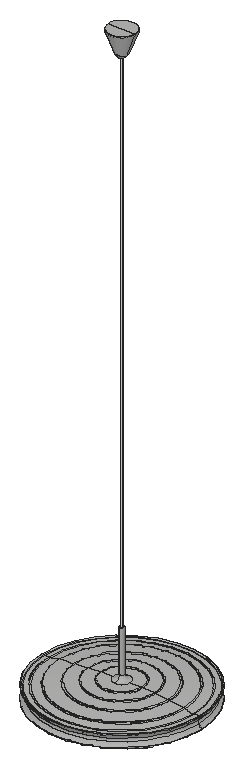
Revit family "Lighting_Pendants_Focus_Yoyo_Pendant", category Lighting Fixtures, host Ceiling, Revit 2017
Family settings
  Host = Ceiling
  Round Connector Dimension = Use Diameter
  Part Type = Normal
  OmniClass Number = 23.80.70.00
  OmniClass Title = Lighting
  Always vertical = Yes
  Cut with Voids When Loaded = No
  Light Source = Yes
  Shared = No
  Room Calculation Point = No
Parameters (values of type "Yoyo - Pendant")
  Weight = "4.2 kg"
  Wattage = 16.5946 W
  WarrantyStartDate [instance] = "n/a"
  WarrantyGuarantorParts = "n/a"
  WarrantyGuarantorLabor = "n/a"
  WarrantyDurationUnit = "Hours"
  WarrantyDurationParts = "n/a"
  WarrantyDurationLabor = "n/a"
  WarrantyDescription = "n/a"
  built-in parameter 1150110 = 1 (stored number, unit not read)
  VersionDate = "18/06/2020"  # constant formula
  Version = "1"  # constant formula
  UsageCurrent = 0 A
  Uniclass2015Reference = "Pr_70_70_48_62"
  Uniclass2015Description = "Pendant luminaires"
  Uniclass2 = "Pr_70_70_49_86"
  URL = "https://focus-lighting.clients.ubivox.com/archive/1020278/"
  TotalWattage = 26 W
  built-in parameter 1114217 = 1 (stored number, unit not read)
  Tilt Angle = 90.00°
  built-in parameter 1150109 = 1 (stored number, unit not read)
  built-in parameter 1150134 = (empty or 0)
  TagNumber [instance] = "n/a"
  SustainabilityPerformance = "n/a"
  built-in parameter 1150113 = 1 (stored number, unit not read)
  Size = "535x535x77 mm"
  Shape = "Sculptured"
  SerialNumber [instance] = "n/a"
  Revision = "n/a"
  ReplacementCost = "n/a"
  ProductInformation = "Yoyo is a new range of elegant indoor fixtures. The Yoyo luminaires are edge lit and are completely free of markings of internal components."
  Photometric Web File = "YOYO 350 500mA 16W 3000K CRI90 CDP Prismatisk.IES"
  PhaseReference = ""
  PhaseAngle = 0.00°
  NumberOfSources = 0
  NumberOfPoles = 1
  NominalWidth = NominalDiameter  # 535 mm
  NominalVoltageCalc = 0 V
  NominalVoltage = 220 V
  NominalRadius = NominalDiameter / 2  # 267.5 mm
  NominalLength = 535 mm
  NominalHeight [instance] = CableControl + 217 mm  # 2017 mm
  NominalFrequencyRange = 50 Hz
  NominalDiameter = 535 mm
  NominalCurrent = 0 A
  Name = "Focus_Yoyo_Pendant"
  NBSReference = "90-60-50/405"
  NBSDescription = "General purpose luminaires"
  ModelReference = "n/a"
  ModelNumber = "n/a"
  Material = "Aluminium"
  ManufacturersSpecificInformation = "n/a"
  ManufacturerURL = "http://focus-lighting.dk/"
  ManufacturerName = "Focus Lighting"
  MaintenanceFactor = 0
  Lumens = 2465 lm
  built-in parameter 1150115 = 1 (stored number, unit not read)
  built-in parameter 1150105 = 846.51 (stored number, unit not read)
  LightFixtureSecondaryMaterial = Plastic, Opaque White
  LightFixturePlacingType = "Surface"
  LightFixtureMountingType = "Suspended"
  LightFixtureMainMaterial [instance] = RAL9006
  built-in parameter 1150137 = (empty or 0)
  built-in parameter 1150139 = (empty or 0)
  LensMaterial = Acrylic, Clear
  built-in parameter 1150112 = 1 (stored number, unit not read)
  built-in parameter 1150114 = 1 (stored number, unit not read)
  InsulationStandardClass = "Class 1"
  InstallationDate [instance] = "n/a"
  built-in parameter 1150132 = 2
  built-in parameter 1150102 = (empty or 0)
  built-in parameter 1150138 = (empty or 0)
  built-in parameter 1150107 = 2700 (stored number, unit not read)
  built-in parameter 1150106 = 8.4651 (stored number, unit not read)
  IfcExportType = "NOTDEFINED"  # constant formula
  IfcExportAs = "IfcLightFixtureType"  # constant formula
  IP_Code = "IP20"
  HasProtectiveEarth = no
  Grade = "n/a"
  Finish = "Raw or painted aluminium"
  Features = "LED: Edge lit; Top reflector + Light guide plate (LGP)"
  ExpectedLife = "50000"
  Emit from Circle Diameter = 609.6 mm
  Emit Shape Visible in Rendering = no
  ElectricalDeviceNominalPower = 0
  built-in parameter 1150104 = 13.8 (stored number, unit not read)
  DurationUnit = "Hours"
  Dimming Lamp Color Temperature Shift = <None>
  Design = "C.F. Møller Architects"
  Description = "Yoyo is a new range of elegant indoor fixtures. The Yoyo luminaires are edge lit and are completely free of markings of internal components."
  DefaultElevation = 0 mm
  ConvergoRefNr = "0147-2006-0004-DK"
  Constituents = "3m white cable"
  Color Filter = 16777215
  Color = "Various"
  CodePerformance = "n/a"
  Category = "Indoor luminaires"
  CableLength [instance] = 1800 mm
  CableControl [instance] = if(CableLength < 500 mm, 500 mm, if(CableLength > 5000 mm, 5000 mm, CableLength))  # 1800 mm
  Brand = "Focus Lighting"
  Barcode [instance] = "n/a"
  built-in parameter 1114218 = 1 (stored number, unit not read)
  BIMObjectName = "Lighting_Pendants_Focus_Yoyo_Pendant"
  Author = "Convergo AB"  # constant formula
  built-in parameter 1150133 = 10 (stored number, unit not read)
  AssetType = "Fixed"
  AssetIdentifier [instance] = "n/a"
  ArticleNumber = "n/a"
  AccessibilityPerformance = "n/a"
Reference planes
  plane 1 "Light Source Axis (F/B)": y = 0
  plane 2: z = 0
  plane 3 "Light Source Axis (L/R)": x = 0
  plane 4 "Ceiling": z = 4000
  plane 5 "Light Source Elevation": z = 1983
  plane 6: z = 2200
  plane 7: z = 1983
  plane 8: x = -267.5
  plane 9: x = 267.5
  plane 10: y = 267.5
  plane 11: y = -267.5
Forms (mm)
  Revolve 1, solid, material "RAL9006" <- "LightFixtureMainMaterial", detail levels medium+fine
    sketch origin (0, 0, 0) x (1, 0, 0) y (0, 0, 1)
      loop
        line (0, 4000) -> (0, 3915) -> (6, 3915) -> (6, 3915.921)
        arc (6, 3915.921) -> (13.77, 3920.496) -> (18.742, 3928.018) r 20
        line (18.742, 3928.018) -> (45, 3998.5) -> (45, 4000) -> (0, 4000)
      axis (0, 4000) -> (0, 3915)
    angle from 0 to 360
  Revolve 2, solid, material "Plastic, Opaque White" <- "LightFixtureSecondaryMaterial", detail levels medium+fine
    sketch origin (0, 0, 0) x (1, 0, 0) y (0, 0, 1)
      loop
        line (3.65, 3915) -> (0, 3915) -> (0, 2200) -> (3.65, 2200) -> (3.65, 3915)
      axis (0, 3915) -> (0, 2200)
    angle from 0 to 360
  Extrusion 3, solid, material "RAL9006" <- "LightFixtureMainMaterial", detail levels coarse
    sketch origin (0, 0, 1983) x (-1, 0, 0) y (0, -1, 0)
      loop
        line (267.5, -267.501) -> (267.5, 267.5) -> (-267.504, 267.5) -> (-267.504, -267.501) -> (267.5, -267.501)
    from 0 to 2017
Lines and regions (mm)
  symbolic lines, detail levels medium+fine
    curve 1: line (18.742, 0, 3928.018) -> (45, 0, 3998.5)
    curve 2: line (45, 0, 3998.5) -> (45, 0, 4000)
    curve 3: line (45, 0, 4000) -> (0, 0, 4000)
    curve 5: line (6, 0, 3915) -> (6, 0, 3915.921)
    curve 7: arc (6, 0, 3915.921) -> (13.77, 0, 3920.496) -> (18.742, 0, 3928.018) r 20
    curve 8: line (-18.742, 0, 3928.018) -> (-45, 0, 3998.5)
    curve 9: line (-45, 0, 3998.5) -> (-45, 0, 4000)
    curve 10: line (-45, 0, 4000) -> (0, 0, 4000)
    curve 12: line (-6, 0, 3915) -> (-6, 0, 3915.921)
    curve 14: arc (-6, 0, 3915.921) -> (-13.77, 0, 3920.496) -> (-18.742, 0, 3928.018) r 20
    curve 15: line (3.65, 0, 3915) -> (3.65, 0, 2200)
    curve 16: line (-3.65, 0, 3915) -> (-3.65, 0, 2200)
    curve 17: line (3.65, 0, 3915) -> (6, 0, 3915)
    curve 18: line (-3.65, 0, 3915) -> (-6, 0, 3915)
    curve 19: line (0, 44.818, 4000) -> (0, -44.818, 4000)
    curve 20: line (0, 44.818, 4000) -> (0, 45.002, 3998.499)
    curve 21: line (0, 45.002, 3998.499) -> (0, 18.596, 3927.638)
    curve 23: line (0, 6, 3915) -> (0, 6, 3915.921)
    curve 25: arc (0, 18.596, 3927.638) -> (0, 13.684, 3920.289) -> (0, 6, 3915.921) r 19.188
    curve 26: line (0, 3.65, 3915) -> (0, 3.65, 2200)
    curve 27: line (0, 3.65, 3915) -> (0, 6, 3915)
    curve 28: line (0, -44.818, 4000) -> (0, -45.002, 3998.499)
    curve 29: line (0, -45.002, 3998.499) -> (0, -18.596, 3927.638)
    curve 31: line (0, -6, 3915) -> (0, -6, 3915.921)
    curve 33: arc (0, -18.596, 3927.638) -> (0, -13.684, 3920.289) -> (0, -6, 3915.921) r 19.188
    curve 34: line (0, -3.65, 3915) -> (0, -3.65, 2200)
    curve 35: line (0, -3.65, 3915) -> (0, -6, 3915)
  symbolic lines, detail levels fine
    curve 4: line (0, 0, 3915) -> (3.65, 0, 3915)
    curve 6: line (6, 0, 3915.921) -> (0, 0, 3915.921)
    curve 11: line (0, 0, 3915) -> (-3.65, 0, 3915)
    curve 13: line (-6, 0, 3915.921) -> (0, 0, 3915.921)
    curve 22: line (0, 0, 3915) -> (0, 3.65, 3915)
    curve 24: line (0, 6, 3915.921) -> (0, 0, 3915.921)
    curve 30: line (0, 0, 3915) -> (0, -3.65, 3915)
    curve 32: line (0, -6, 3915.921) -> (0, 0, 3915.921)
Dimensions and locks
  equal spacing: host sketch curve, plane 3 "Light Source Axis (L/R)", host sketch curve
  equal spacing: host sketch curve, plane 1 "Light Source Axis (F/B)", host sketch curve
  host sketch curve to host sketch curve = 4000 mm  (x2)
  locked: plane 4 "Ceiling" to host ceiling at 0
  "CableControl": plane 6 to plane 4 "Ceiling"
  plane 7 to plane 6 = 217 mm
  equal spacing: plane 8, plane 3 "Light Source Axis (L/R)", plane 9
  "NominalDiameter": plane 8 to plane 9
  equal spacing: plane 10, plane 1 "Light Source Axis (F/B)", plane 11
  "NominalDiameter": plane 10 to plane 11
  "NominalHeight": plane 5 "Light Source Elevation" to plane 4 "Ceiling"
  aligned and locked: plane 3 "Light Source Axis (L/R)" to imposter light
  aligned and locked: plane 1 "Light Source Axis (F/B)" to imposter light
  aligned and locked: plane 5 "Light Source Elevation" to imposter light
  aligned and locked: plane 6 to curve 15
  aligned and locked: plane 6 to curve 26
  aligned and locked: plane 6 to Revolve 2 sketch curve
  aligned and locked: plane 6 to nested 1
  aligned and locked: Extrusion 3 to plane 7
  aligned and locked: Extrusion 3 to plane 4 "Ceiling"
Automatic sketch dimensions
  curve 10 to plane 4 "Ceiling" = 0 mm
  curve 16 to plane 6 = 0 mm
  curve 13 to plane 3 "Light Source Axis (L/R)" = 0 mm
  curve 4 to plane 3 "Light Source Axis (L/R)" = 0 mm
  curve 3 to plane 3 "Light Source Axis (L/R)" = 0 mm
  curve 7 to plane 3 "Light Source Axis (L/R)" = 0 mm
  curve 12 to curve 6 = 6 mm
  curve 8 to curve 14 = 12.742 mm
  plane 4 "Ceiling" to curve 9 = 1.5 mm
  curve 9 to plane 3 "Light Source Axis (L/R)" = 45 mm
  plane 3 "Light Source Axis (L/R)" to curve 14 = 0 mm
  plane 3 "Light Source Axis (L/R)" to curve 6 = 6 mm
  curve 7 to curve 1 = 12.742 mm
  plane 3 "Light Source Axis (L/R)" to curve 3 = 45 mm
  plane 4 "Ceiling" to curve 18 = 85 mm
  curve 17 to curve 6 = 0.921 mm
  curve 12 to curve 8 = 12.097 mm
  curve 7 to curve 1 = 12.097 mm
  curve 2 to curve 2 = 1.5 mm
  curve 16 to plane 3 "Light Source Axis (L/R)" = 3.65 mm
  curve 15 to curve 17 = 2.35 mm
  plane 4 "Ceiling" to curve 19 = 0 mm
  curve 34 to plane 6 = 0 mm
  curve 24 to plane 1 "Light Source Axis (F/B)" = 0 mm
  curve 22 to plane 1 "Light Source Axis (F/B)" = 0 mm
  plane 1 "Light Source Axis (F/B)" to curve 33 = 0.615 mm
  curve 30 to curve 22 = 3.65 mm
  curve 35 to curve 30 = 2.35 mm
  curve 29 to curve 31 = 12.596 mm
  plane 1 "Light Source Axis (F/B)" to curve 28 = 44.818 mm
  plane 4 "Ceiling" to curve 28 = 1.501 mm
  curve 28 to curve 19 = 0.184 mm
  curve 25 to plane 1 "Light Source Axis (F/B)" = 0.615 mm
  curve 27 to plane 1 "Light Source Axis (F/B)" = 3.65 mm
  curve 22 to curve 24 = 2.35 mm
  curve 23 to curve 21 = 12.596 mm
  curve 20 to plane 1 "Light Source Axis (F/B)" = 44.818 mm
  plane 4 "Ceiling" to curve 20 = 1.501 mm
  curve 19 to curve 20 = 0.184 mm
  plane 4 "Ceiling" to curve 35 = 85 mm
  curve 22 to curve 32 = 0.921 mm
  curve 31 to curve 29 = 11.717 mm
  curve 23 to curve 21 = 11.717 mm
  Revolve 1 sketch curve to plane 3 "Light Source Axis (L/R)" = 0 mm  (x3)
  Revolve 1 sketch curve to plane 4 "Ceiling" = 0 mm
  plane 3 "Light Source Axis (L/R)" to Revolve 1 sketch curve = 6 mm
  Revolve 1 sketch curve to Revolve 1 sketch curve = 12.742 mm
  plane 4 "Ceiling" to Revolve 1 sketch curve = 1.5 mm
  plane 3 "Light Source Axis (L/R)" to Revolve 1 sketch curve = 45 mm
  plane 4 "Ceiling" to Revolve 1 sketch curve = 65 mm
  Revolve 1 sketch curve to Revolve 1 sketch curve = 6.982 mm
  Revolve 1 sketch curve to Revolve 1 sketch curve = 0.921 mm
  plane 4 "Ceiling" to Revolve 1 sketch curve = 7.435 mm
  Revolve 1 sketch curve to Revolve 1 sketch curve = 12.565 mm
  Revolve 2 sketch curve to plane 3 "Light Source Axis (L/R)" = 0 mm  (x2)
  plane 3 "Light Source Axis (L/R)" to Revolve 2 sketch curve = 3.65 mm
  plane 4 "Ceiling" to Revolve 2 sketch curve = 85 mm
  Revolve 2 sketch curve to plane 6 = 6.336 mm
  Revolve 2 sketch curve to Revolve 2 sketch curve = 2.33 mm
  plane 11 to Extrusion 3 sketch curve = 0 mm
  Extrusion 3 sketch curve to plane 8 = 0 mm
  Extrusion 3 sketch curve to plane 9 = 0.004 mm
  plane 10 to Extrusion 3 sketch curve = 0.001 mm
Nested families
  nested 1: "Yoyo pendant" at (0, 0, 1982.886), Metal <- "LightFixtureMainMaterial", Cable <- "LightFixtureMainMaterial", Top <- "LightFixtureMainMaterial", Glass <- "LensMaterial", type "Yoyo pendant"
    with Top RAL9006, Metal RAL9006, Glass Acrylic, Clear, Cable RAL9006
Connectors
  electrical at (0, 0, 4000), driven by "NominalVoltage"
    settings: on Revolve 1, index 1, voltage 220 V, apparent load 0 VA, apparent load phase1 0 VA, apparent load phase2 0 VA, apparent load phase3 0 VA, power factor 1, load classification "Other", number of poles 1, system type 31, power factor state 1, is connector primary yes, connector utility no, sub classification motor no, connector description ""
Definition of nested family "Yoyo pendant"
  Parameters (values of type "Yoyo pendant")
    Top [instance] = none
    Metal [instance] = none
    Glass [instance] = none
    Cable [instance] = none
  Reference planes
    plane 1 "Center (Front/Back)": y = 0
    plane 2: z = 0
    plane 3 "Center (Left/Right)": x = 0
    plane 4: y = 267.5
    plane 5: y = -267.5
    plane 6: x = 267.5
    plane 7: x = -267.5
    plane 8: through (0.205, -261.044, 217.114) normal (-0.0013, 0, -1)
  Forms (mm)
    Revolve 1, solid, material <- "Metal", detail levels medium+fine
      sketch origin (3.976, 0, 58) x (-1, 0, 0) y (0, 0, -1)
        loop
          arc (-263.282, 57.288) -> (-263.468, 56.901) -> (-263.327, 56.495) r 0.564
          arc (-263.327, 56.495) -> (-258.042, 49.573) -> (-253.814, 41.959) r 60.08
          arc (-253.814, 41.959) -> (-252.7, 36.91) -> (-253.814, 31.86) r 11.997
          arc (-253.814, 31.86) -> (-258.041, 24.249) -> (-263.323, 17.329) r 60.08
          arc (-263.323, 17.329) -> (-263.465, 16.92) -> (-263.278, 16.529) r 0.569
          line (-263.278, 16.529) -> (-262.334, 15.679) -> (-257.602, 18.411)
          arc (-257.602, 18.411) -> (-257.261, 19.665) -> (-256.899, 20.913) r 78.328
          line (-256.899, 20.913) -> (-243.858, 20.913) -> (-243.858, 45.476) -> (-238.312, 45.476) -> (-238.312, 46.477)
          arc (-238.312, 46.477) -> (-251.601, 49.777) -> (-262.661, 57.847) r 35.604
          line (-262.661, 57.847) -> (-263.282, 57.288)
        axis (3.976, 57.847) -> (3.976, 15.679)
      angle from 0 to 360
    Revolve 2, solid, material <- "Top", detail levels medium+fine
      sketch origin (3.976, 0, 58) x (-1, 0, 0) y (0, 0, -1)
        loop
          line (-63.55, 0) -> (3.976, 0) -> (3.976, 20.913) -> (-256.894, 20.913) -> (-257.611, 18.411) -> (-240.627, 18.411)
          arc (-240.627, 18.411) -> (-238.449, 18.333) -> (-236.282, 18.098) r 30.329
          line (-236.282, 18.098) -> (-208.865, 14.129)
          arc (-208.865, 14.129) -> (-207.302, 13.714) -> (-205.877, 12.949) r 6.969
          arc (-205.877, 12.949) -> (-205.192, 12.593) -> (-204.438, 12.424) r 2.993
          line (-204.438, 12.424) -> (-156.544, 8.051)
          arc (-156.544, 8.051) -> (-156.101, 7.959) -> (-155.69, 7.771) r 2.008
          arc (-155.69, 7.771) -> (-153.564, 6.82) -> (-151.271, 6.407) r 9.614
          line (-151.271, 6.407) -> (-109.163, 4.03)
          arc (-109.163, 4.03) -> (-108.389, 3.839) -> (-107.737, 3.379) r 2.157
          arc (-107.737, 3.379) -> (-106.794, 2.725) -> (-105.673, 2.476) r 2.981
          line (-105.673, 2.476) -> (-67.248, 1.512)
          arc (-67.248, 1.512) -> (-66.642, 1.382) -> (-66.125, 1.041) r 1.676
          arc (-66.125, 1.041) -> (-64.939, 0.27) -> (-63.55, 0) r 3.704
        axis (3.976, 20.913) -> (3.976, 0)
      angle from 0 to 360
    Extrusion 3, solid, material <- "Glass", detail levels medium+fine
      sketch origin (3.976, 0, 58) x (0, 1, 0) y (-1, 0, 0)
        loop
          circle (0, 3.973) r 242.291
      from -46.477 to -45.476
    Revolve 4, solid, material <- "Cable", detail levels medium+fine
      sketch origin (0, 0, 217.114) x (0, 1, 0) y (0, 0, -1)
        loop
          arc (5.5, 0) -> (6.207, 0.293) -> (6.5, 1) r 1
          line (6.5, 1) -> (6.5, 1.859) -> (8, 1.859) -> (8, 140.102)
          arc (8, 140.102) -> (13.453, 153.431) -> (26.686, 159.114) r 19.015
          line (26.686, 159.114) -> (0, 159.114) -> (0, 0) -> (5.5, 0)
        axis (0, 0) -> (0, 159.114)
      angle from 0 to 360
  Lines and regions (mm)
    symbolic lines, detail levels medium+fine
      curve 1: circle (0, 0, 0) r 267.5 normal (0, 0, 1)
      curve 3: line (0, -266.439, 0) -> (0, -0.004, 0)
      curve 4: line (0, -266.439, 0) -> (0, -267.379, 0.847)
      curve 5: arc (0, -267.407, 1.356) -> (0, -262.045, 8.344) -> (0, -257.761, 16.041) r 60.08
      curve 6: arc (0, -267.379, 0.847) -> (0, -267.498, 1.095) -> (0, -267.407, 1.356) r 0.361
      curve 7: arc (0, -267.417, 40.837) -> (0, -262.049, 33.843) -> (0, -257.761, 26.14) r 60.08
      curve 8: arc (0, -257.761, 16.041) -> (0, -256.647, 21.09) -> (0, -257.761, 26.14) r 11.997
      curve 10: line (0, -266.281, 42.321) -> (0, -267.391, 41.322)
      curve 11: arc (0, -267.391, 41.322) -> (0, -267.504, 41.085) -> (0, -267.417, 40.837) r 0.344
      curve 12: line (0, -219.575, 42.321) -> (0, -208.869, 43.871)
      curve 13: line (0, -204.442, 45.576) -> (0, -156.548, 49.949)
      curve 14: arc (0, -205.881, 45.051) -> (0, -205.196, 45.407) -> (0, -204.442, 45.576) r 2.993
      curve 15: arc (0, -208.869, 43.871) -> (0, -207.306, 44.286) -> (0, -205.881, 45.051) r 6.969
      curve 16: line (0, -109.167, 53.97) -> (0, -151.275, 51.593)
      curve 17: line (0, -67.252, 56.488) -> (0, -105.677, 55.524)
      curve 18: arc (0, -156.548, 49.949) -> (0, -156.105, 50.041) -> (0, -155.694, 50.229) r 2.008
      curve 19: arc (0, -155.694, 50.229) -> (0, -153.568, 51.18) -> (0, -151.275, 51.593) r 9.614
      curve 20: arc (0, -105.677, 55.524) -> (0, -106.798, 55.275) -> (0, -107.741, 54.621) r 2.981
      curve 21: arc (0, -107.741, 54.621) -> (0, -108.393, 54.161) -> (0, -109.167, 53.97) r 2.157
      curve 22: line (0, -63.554, 58) -> (0, -27.349, 58)
      curve 23: arc (0, -66.129, 56.959) -> (0, -64.943, 57.73) -> (0, -63.554, 58) r 3.704
      curve 24: arc (0, -66.129, 56.959) -> (0, -66.646, 56.618) -> (0, -67.252, 56.488) r 1.676
      curve 25: line (0, -219.575, 42.321) -> (0, -266.281, 42.321)
      curve 26: line (0, 266.553, 0) -> (0, -0.004, 0)
      curve 27: line (0, 266.553, 0) -> (0, 267.283, 0.658)
      curve 28: arc (0, 267.335, 1.565) -> (0, 262.082, 8.461) -> (0, 257.875, 16.041) r 60.08
      curve 29: arc (0, 267.342, 40.623) -> (0, 262.084, 33.724) -> (0, 257.875, 26.14) r 60.08
      curve 30: arc (0, 257.875, 16.041) -> (0, 256.761, 21.09) -> (0, 257.875, 26.14) r 11.997
      curve 32: line (0, 266.395, 42.321) -> (0, 267.291, 41.514)
      curve 33: line (0, 219.567, 42.321) -> (0, 208.861, 43.871)
      curve 34: line (0, 204.433, 45.576) -> (0, 156.54, 49.949)
      curve 35: arc (0, 205.873, 45.051) -> (0, 205.187, 45.407) -> (0, 204.433, 45.576) r 2.993
      curve 36: arc (0, 208.861, 43.871) -> (0, 207.298, 44.286) -> (0, 205.873, 45.051) r 6.969
      curve 37: line (0, 109.159, 53.97) -> (0, 151.267, 51.593)
      curve 38: line (0, 67.244, 56.488) -> (0, 105.669, 55.524)
      curve 39: arc (0, 156.54, 49.949) -> (0, 156.097, 50.041) -> (0, 155.686, 50.229) r 2.008
      curve 40: arc (0, 155.686, 50.229) -> (0, 153.56, 51.18) -> (0, 151.267, 51.593) r 9.614
      curve 41: arc (0, 105.669, 55.524) -> (0, 106.789, 55.275) -> (0, 107.733, 54.621) r 2.981
      curve 42: arc (0, 107.733, 54.621) -> (0, 108.385, 54.161) -> (0, 109.159, 53.97) r 2.157
      curve 43: line (0, 63.546, 58) -> (0, 27.34, 58)
      curve 44: arc (0, 66.121, 56.959) -> (0, 64.935, 57.73) -> (0, 63.546, 58) r 3.704
      curve 45: arc (0, 66.121, 56.959) -> (0, 66.638, 56.618) -> (0, 67.244, 56.488) r 1.676
      curve 46: line (0, 219.567, 42.321) -> (0, 266.395, 42.321)
      curve 47: arc (0, 267.283, 0.658) -> (0, 267.496, 1.101) -> (0, 267.335, 1.565) r 0.646
      curve 48: arc (0, 267.291, 41.514) -> (0, 267.499, 41.079) -> (0, 267.342, 40.623) r 0.634
      curve 49: arc (257.793, 0, 26.14) -> (256.678, 0, 21.09) -> (257.793, 0, 16.041) r 11.997
      curve 50: arc (257.793, 0, 16.041) -> (262.058, 0, 8.37) -> (267.396, 0, 1.403) r 60.08
      curve 51: line (267.363, 0, 0.804) -> (266.47, 0, 0)
      curve 52: line (266.47, 0, 0) -> (3.976, 0, 0)
      curve 53: arc (267.392, 0, 40.773) -> (262.057, 0, 33.808) -> (257.793, 0, 26.14) r 60.08
      curve 54: line (266.312, 0, 42.321) -> (267.358, 0, 41.379)
      curve 55: line (223.547, 0, 42.321) -> (266.312, 0, 42.321)
      curve 57: line (223.547, 0, 42.321) -> (212.84, 0, 43.871)
      curve 58: arc (209.853, 0, 45.051) -> (211.278, 0, 44.286) -> (212.84, 0, 43.871) r 6.969
      curve 59: arc (209.853, 0, 45.051) -> (209.167, 0, 45.407) -> (208.413, 0, 45.576) r 2.993
      curve 60: line (208.413, 0, 45.576) -> (160.519, 0, 49.949)
      curve 61: arc (159.666, 0, 50.229) -> (160.077, 0, 50.041) -> (160.519, 0, 49.949) r 2.008
      curve 62: arc (159.666, 0, 50.229) -> (157.539, 0, 51.18) -> (155.246, 0, 51.593) r 9.614
      curve 63: line (113.139, 0, 53.97) -> (155.246, 0, 51.593)
      curve 64: arc (111.713, 0, 54.621) -> (112.364, 0, 54.161) -> (113.139, 0, 53.97) r 2.157
      curve 65: arc (111.713, 0, 54.621) -> (110.769, 0, 55.275) -> (109.649, 0, 55.524) r 2.981
      curve 66: line (71.224, 0, 56.488) -> (109.649, 0, 55.524)
      curve 67: arc (70.101, 0, 56.959) -> (70.618, 0, 56.618) -> (71.224, 0, 56.488) r 1.676
      curve 68: arc (70.101, 0, 56.959) -> (68.914, 0, 57.73) -> (67.526, 0, 58) r 3.704
      curve 69: line (67.526, 0, 58) -> (27.069, 0, 58)
      curve 70: arc (267.358, 0, 41.379) -> (267.5, 0, 41.083) -> (267.392, 0, 40.773) r 0.431
      curve 71: arc (267.396, 0, 1.403) -> (267.503, 0, 1.097) -> (267.363, 0, 0.804) r 0.426
      curve 72: arc (-257.793, 0, 26.14) -> (-256.678, 0, 21.09) -> (-257.793, 0, 16.041) r 11.997
      curve 73: arc (-257.793, 0, 16.041) -> (-262.056, 0, 8.373) -> (-267.391, 0, 1.409) r 60.08
      curve 74: line (-267.357, 0, 0.799) -> (-266.47, 0, 0)
      curve 75: line (-266.47, 0, 0) -> (3.976, 0, 0)
      curve 76: arc (-267.412, 0, 40.796) -> (-262.065, 0, 33.821) -> (-257.793, 0, 26.14) r 60.08
      curve 77: line (-266.312, 0, 42.321) -> (-267.381, 0, 41.358)
      curve 78: line (-215.596, 0, 42.321) -> (-266.312, 0, 42.321)
      curve 80: line (-215.596, 0, 42.321) -> (-204.889, 0, 43.871)
      curve 81: arc (-201.902, 0, 45.051) -> (-203.326, 0, 44.286) -> (-204.889, 0, 43.871) r 6.969
      curve 82: arc (-201.902, 0, 45.051) -> (-201.216, 0, 45.407) -> (-200.462, 0, 45.576) r 2.993
      curve 83: line (-200.462, 0, 45.576) -> (-152.568, 0, 49.949)
      curve 84: arc (-151.714, 0, 50.229) -> (-152.126, 0, 50.041) -> (-152.568, 0, 49.949) r 2.008
      curve 85: arc (-151.714, 0, 50.229) -> (-149.588, 0, 51.18) -> (-147.295, 0, 51.593) r 9.614
      curve 86: line (-105.187, 0, 53.97) -> (-147.295, 0, 51.593)
      curve 87: arc (-103.761, 0, 54.621) -> (-104.413, 0, 54.161) -> (-105.187, 0, 53.97) r 2.157
      curve 88: arc (-103.761, 0, 54.621) -> (-102.818, 0, 55.275) -> (-101.697, 0, 55.524) r 2.981
      curve 89: line (-63.272, 0, 56.488) -> (-101.697, 0, 55.524)
      curve 90: arc (-62.149, 0, 56.959) -> (-62.667, 0, 56.618) -> (-63.272, 0, 56.488) r 1.676
      curve 91: arc (-62.149, 0, 56.959) -> (-60.963, 0, 57.73) -> (-59.574, 0, 58) r 3.704
      curve 92: line (-59.574, 0, 58) -> (-22.931, 0, 58)
      curve 93: arc (-267.391, 0, 1.409) -> (-267.5, 0, 1.097) -> (-267.357, 0, 0.799) r 0.433
      curve 94: arc (-267.381, 0, 41.358) -> (-267.513, 0, 41.084) -> (-267.412, 0, 40.796) r 0.4
      curve 96: line (8, 0, 215.614) -> (8, 0, 77.042)
      curve 97: arc (8, 0, 77.042) -> (13.587, 0, 63.567) -> (27.069, 0, 58) r 19.042
      curve 98: line (8, 0, 215.614) -> (6.5, 0, 215.614)
      curve 99: line (6.5, 0, 215.614) -> (6.5, 0, 216.162)
      curve 101: arc (6.5, 0, 216.162) -> (6.221, 0, 216.835) -> (5.548, 0, 217.114) r 0.952
      curve 103: line (-8, 0, 215.614) -> (-8, 0, 77.042)
      curve 104: arc (-8, 0, 77.042) -> (-13.587, 0, 63.567) -> (-27.069, 0, 58) r 19.042
      curve 105: line (-8, 0, 215.614) -> (-6.5, 0, 215.614)
      curve 107: arc (-6.5, 0, 216.162) -> (-6.221, 0, 216.835) -> (-5.548, 0, 217.114) r 0.952
      curve 109: line (-6.5, 0, 215.614) -> (-6.5, 0, 216.162)
      curve 110: line (0, -8.004, 215.614) -> (0, -8.004, 77.012)
      curve 111: arc (0, -8.004, 77.012) -> (0, -13.457, 63.684) -> (0, -26.69, 58) r 19.015
      curve 113: line (0, -6.504, 215.614) -> (0, -6.504, 216.148)
      curve 114: line (0, -5.538, 217.114) -> (0, -3.7, 217.114)
      curve 115: arc (0, -6.504, 216.148) -> (0, -6.221, 216.831) -> (0, -5.538, 217.114) r 0.966
      curve 116: line (0, -6.504, 215.614) -> (0, -8.004, 215.614)
      curve 117: line (0, 7.996, 215.614) -> (0, 7.996, 77.012)
      curve 118: arc (0, 7.996, 77.012) -> (0, 13.682, 63.451) -> (0, 27.34, 58) r 19.015
      curve 120: line (0, 5.53, 217.114) -> (0, 3.7, 217.114)
      curve 121: arc (0, 6.496, 216.148) -> (0, 6.213, 216.831) -> (0, 5.53, 217.114) r 0.966
      curve 122: line (0, 6.496, 215.614) -> (0, 7.996, 215.614)
      curve 123: line (0, 6.496, 216.148) -> (0, 6.496, 215.614)
      curve 127: line (-3.7, 0, 217.114) -> (-5.548, 0, 217.114)
      curve 128: line (3.7, 0, 217.114) -> (5.548, 0, 217.114)
    symbolic lines, detail levels fine
      curve 2: circle (0, 0, 0) r 242.5 normal (0, 0, 1)
      curve 9: line (0, -0.004, 42.321) -> (0, -219.575, 42.321)
      curve 31: line (0, -0.004, 42.321) -> (0, 219.567, 42.321)
      curve 56: line (3.976, 0, 42.321) -> (223.547, 0, 42.321)
      curve 79: line (3.976, 0, 42.321) -> (-215.596, 0, 42.321)
      curve 95: line (-22.931, 0, 58) -> (27.069, 0, 58)
      curve 100: line (0, 0, 217.114) -> (3.7, 0, 217.114)
      curve 102: line (6.5, 0, 215.614) -> (0, 0, 215.614)
      curve 106: line (0, 0, 217.114) -> (-3.7, 0, 217.114)
      curve 108: line (-6.5, 0, 215.614) -> (0, 0, 215.614)
      curve 112: line (0, -0.004, 215.614) -> (0, -6.504, 215.614)
      curve 119: line (0, -0.004, 215.614) -> (0, 6.496, 215.614)
      curve 124: line (0, 27.34, 58) -> (0, -26.69, 58)
      curve 125: line (0, -3.7, 217.114) -> (0, -0.004, 217.114)
      curve 126: line (0, 3.7, 217.114) -> (0, -0.004, 217.114)
  Dimensions and locks
    aligned and locked: level to plane 2
